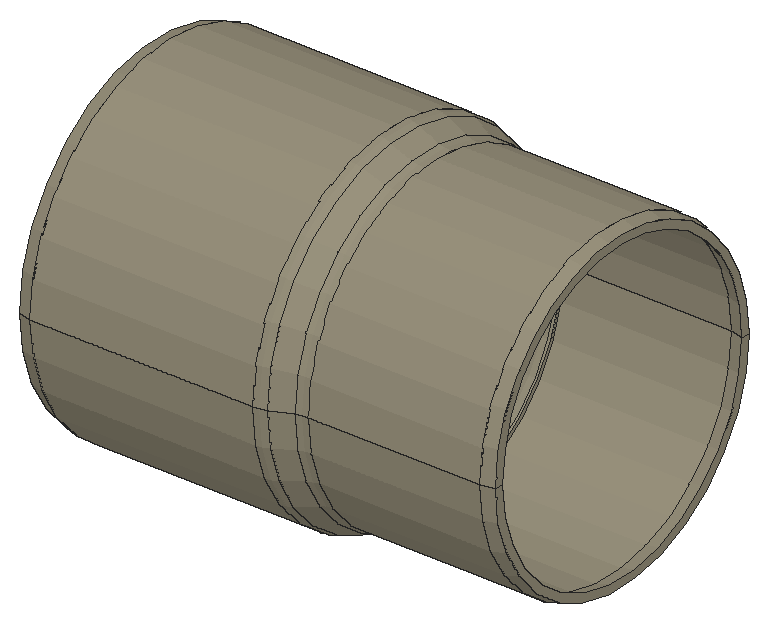
Revit family "Adaptador_Pre100_Col100", category Pipe Fittings, Revit 2025
Family settings
  Round Connector Dimension = Use Radius
  Part Type = Union
  Work Plane-Based = No
  Always vertical = Yes
  Cut with Voids When Loaded = No
  Shared = No
Parameters (values of type "Standard")
  built-in parameter 1114242 [instance] = (empty or 0)
  URL = "http://www.tigre.com.br"
  Type Comments = ""
  Tigre: Sistema = "Esgoto"  # constant formula
  Tigre: Norma = ""
  Tigre: Material = "PVC Branco"  # constant formula
  Tigre: Marcador = "00"
  Tigre: Link do Produto = "http://www.tigre.com.br/pt/produtos_unico.php?rcr_id=4&cpr_id=10&cpr_id_pai=4&lnh_id=9&prd_id=698"
  Tigre: Linha = "Série Normal"  # constant formula
  Tigre: Fabricante = "© Tigre S/A"  # constant formula
  Tigre: Descrição [instance] = "Adap. Pon. Esg. Predial DN100 x Pon. Col. DN100, Esgoto Série Normal - TIGRE"  # constant formula
  Tigre: Código com Separador = "100.02.108.1"
  Tigre: Código [instance] = 100021081  # constant formula
  Tigre: Comentários [instance] = ""
  Representação Unifilar 2 [instance] = Diâmetro Nominal 2 * 0.2  # 20 mm
  Representação Unifilar 1 [instance] = Diâmetro Nominal 1 * 0.2  # 20.00 mm
  Raio Nominal Máximo [instance] = if(Diâmetro Nominal 1 > Diâmetro Nominal 2, Raio Nominal 1, Raio Nominal 2)  # 50 mm
  Raio Nominal 2 [instance] = Diâmetro Nominal 2 / 2  # 50 mm
  Raio Nominal 1 [instance] = Diâmetro Nominal 1 / 2  # 50 mm
  Model = ""
  Manufacturer = Tigre: Fabricante  # "© Tigre S/A"
  Loss Method = Not Defined
  K Coefficient Table = "Reducer/Coupling/Union/Increaser"
  Description = "Bucha de Redução Longa, Esgoto Série Normal - TIGRE"
  Default Elevation = 0.00 mm
  Acabamento [instance] = PVC
  Diâmetro Nominal 2 [instance] = 100 mm
  Diâmetro Nominal 1 [instance] = 100 mm
Reference planes
  plane 1 "Center (Front/Back)": y = 0
  plane 2: z = 0
  plane 3 "Center (Left/Right)": x = 0
  plane 4: y = 0
Forms (mm)
  Revolve 1, solid, material "PVC" <- "Acabamento", detail levels fine
    sketch origin (0, 0, 0) x (1, 0, 0) y (0, 1, 0)
      loop
        line (-74.185, 53.948) -> (-74.185, 51.36) -> (-69.856, 52.52) -> (-0.014, 52.52)
        arc (-0.014, 52.52) -> (1.481, 52.371) -> (2.917, 51.93) r 7.569
        line (2.917, 51.93) -> (9.26, 49.266)
        arc (9.26, 49.266) -> (11.559, 48.559) -> (13.953, 48.32) r 12.12
        line (13.953, 48.32) -> (67.686, 48.32) -> (72.015, 47.16) -> (72.015, 49.748) -> (68.015, 50.82) -> (13.953, 50.82)
        arc (13.953, 50.82) -> (12.053, 51.009) -> (10.228, 51.571) r 9.62
        line (10.228, 51.571) -> (3.885, 54.235)
        arc (3.885, 54.235) -> (1.975, 54.822) -> (-0.014, 55.02) r 10.069
        line (-0.014, 55.02) -> (-70.185, 55.02) -> (-74.185, 53.948)
      axis (-74.185, 0) -> (72.015, 0)
    angle from 0 to 360
  Revolve 2, solid, material "PVC" <- "Acabamento", detail levels fine
    sketch origin (0, 0, 0) x (1, 0, 0) y (0, 1, 0)
      loop
        line (0, 52.52) -> (-0.8, 52.52) -> (-0.8, 51.72) -> (0, 51.72) -> (0, 52.52)
      axis (-0.8, 0) -> (0.2, 0)
    angle from 0 to 360
  Revolve 3, solid, material "PVC" <- "Acabamento", detail levels fine
    sketch origin (0, 0, 0) x (1, 0, 0) y (0, 1, 0)
      loop
        line (14.83, 48.32) -> (14.03, 48.32) -> (14.03, 47.52) -> (14.83, 47.52) -> (14.83, 48.32)
      axis (14.03, 0) -> (15.03, 0)
    angle from 0 to 360
Lines and regions (mm)
  model lines, style "Esgoto Série Normal - TIGRE", detail levels coarse+medium
    curve 1: line (-74.185, 12.536, 0) -> (-74.185, -9.464, 0)
    curve 2: line (-74.185, 12.536, 0) -> (72.015, 0, 0)
    curve 3: line (72.015, 10, 0) -> (72.015, -10, 0)
    curve 6: line (-74.185, -9.464, 0) -> (72.015, 0, 0)
  model lines, detail levels fine
    curve 4: circle (0, 0, 0) r 55.1 normal (1, 0, 0)
    curve 5: circle (14.03, 0, 0) r 51 normal (1, 0, 0)
    curve 7: circle (-74.185, 0, 0) r 54 normal (1, 0, 0)
    curve 8: circle (72.015, 0, 0) r 49.7 normal (1, 0, 0)
Connectors
  piping at (14.83, 0, 0), diameter 100, driven by "Raio Nominal 2"
    settings: on Revolve 3, index 1, connector inside diameter 609.6 mm, connector length 0.00 mm, flow factor 0, pipe flow 0.0 L/s, pressure drop 0.0 Pa, fitting loss kfactor 0, connector angle 0.00°, fixture units 0, engagement length 0.00 mm, angle of deflection 0.00°, flow configuration 0, flow direction 0, fitting loss method 0, system type 28, joint type 0, gender type 0, connector reference index 2, connector utility 0, adjustable connector no, is connector primary no, connector description ""
  piping at (-0.8, 0, 0), diameter 100, driven by "Raio Nominal 1"
    settings: on Revolve 2, index 2, connector inside diameter 609.6 mm, connector length 0.00 mm, flow factor 0, pipe flow 0.0 L/s, pressure drop 0.0 Pa, fitting loss kfactor 0, connector angle 0.00°, fixture units 0, engagement length 0.00 mm, angle of deflection 0.00°, flow configuration 0, flow direction 0, fitting loss method 0, system type 28, joint type 0, gender type 0, connector reference index 1, connector utility 0, adjustable connector no, is connector primary yes, connector description ""
